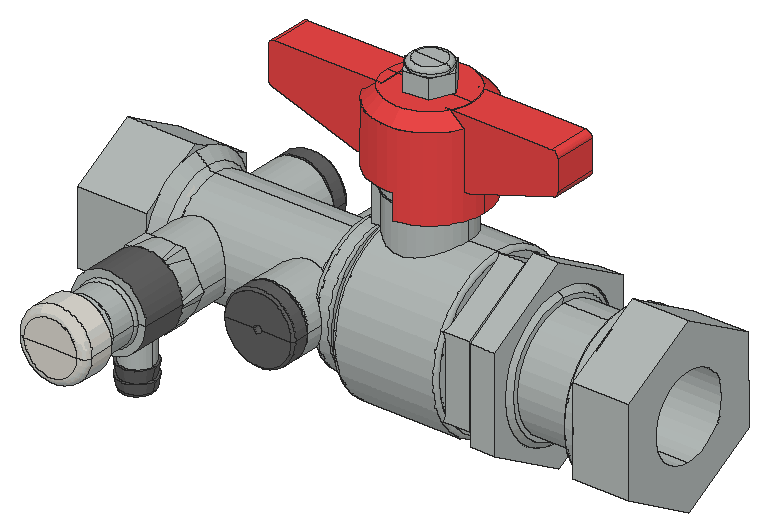
Revit family "QD38120000", category Apparecchi idraulici, Revit 2020
Family settings
  Quota connettore circolare = Usa diametro
  Tipo di parte = Normale
  Numero OmniClass = 23.45.00.00
  Titolo OmniClass = Sanitary, Laundry, and Cleaning Equipment
  Basato su piano di lavoro = No
  Sempre verticale = Sì
  Taglio con vuoti quando caricato = No
  Condiviso = No
  Punto di calcolo locali = No
Parameters
  URL = "https://web.cimberio.it/index.php/figura/213?subcategoria_id=42343"
  Temperatura di esercizio = "-20 ÷ 90°C"
  Prospetto di default = 0 mm
  Produttore = "CIMBERIO SPA"
  Pressione nominale = "PN 16"
  Modello = "Cim 211BR"
  Materiale = "Prodotto in lega di ottone conforme alla norma EN 12165-CW617N-DW"
  Descrizione = "Impiegato nei più svariati settori dell'impiantistica in condutture anti-ritorno per: reti di distribuzione acqua potabile, impianti di riscaldamento, condizionamento, igienico-sanitari e in generale con ogni fluido non corrosivo."
  DN Model [instance] = QD38122151 : QD38122151
  DN [instance] = 20 mm
  Commenti sul tipo = "Realizzato in ottemperanza ai requisiti gestionali della norma EN ISO 9001.\r\nCollaudato al 100% secondo la normativa EN 12266-1"
Reference planes
  plane 1 "Centro (Fronte/Retro)": y = 0
  plane 2: z = 0
  plane 3 "Centro (Sinistra/Destra)": x = 0
Dimensions and locks
  aligned and locked: level to plane 2
Nested families
  nested 1: "QD38122151" at (0, 0, 0), type <- "DN Model", type "QD38122151"
  nested 2: "QD38122151" at (0, 0, 0), type <- "DN Model", type "QD38122151"
  nested 3: "QD38122151" at (0, 0, 0), type <- "DN Model", type "QD38122151"
  nested 4: "QD38122151" at (0, 0, 0), type <- "DN Model", type "QD38122151"
  nested 5: "QD38122151" at (0, 0, 0), type <- "DN Model", type "QD38122151"
Connectors
  piping at (62.4, 0, 0), diameter 20, driven by "DN"
    settings: on nested 1, index 1, connector inside diameter 609.6 mm, connector length 0 mm, flow factor 0, pipe flow 0.0 L/s, pressure drop 0.0 Pa, fitting loss kfactor 0, connector angle 0.00°, fixture units 0, engagement length 0 mm, angle of deflection 0.00°, flow configuration 0, flow direction 0, fitting loss method 0, system type 7, joint type 0, gender type 0, connector reference index -1, connector utility 0, adjustable connector no, is connector primary yes, connector description ""
  piping at (-73, 0, 0), diameter 20, driven by "DN"
    settings: on nested 1, index 2, connector inside diameter 609.6 mm, connector length 0 mm, flow factor 0, pipe flow 0.0 L/s, pressure drop 0.0 Pa, fitting loss kfactor 0, connector angle 0.00°, fixture units 0, engagement length 0 mm, angle of deflection 0.00°, flow configuration 0, flow direction 0, fitting loss method 0, system type 7, joint type 0, gender type 0, connector reference index -1, connector utility 0, adjustable connector no, is connector primary no, connector description ""
Definition of nested family "QD38122151"
  Parameters (values of type "QD38122151")
    Default Elevation = 0 mm
  Reference planes
    plane 1 "Centro (Fronte/Retro)": y = 0
    plane 2: z = 0
    plane 3 "Centro (Sinistra/Destra)": x = 0
  Forms (mm)
    Revolve 1, solid
      sketch origin (0, 0, 0) x (1, 0, 0) y (0, 0, 1)
        loop
          arc (17.056, 18.5) -> (16.763, 19.207) -> (16.056, 19.5) r 1
          line (16.056, 19.5) -> (-7.317, 19.5)
          arc (-7.317, 19.5) -> (-7.7, 19.424) -> (-8.024, 19.207) r 1
          line (-8.024, 19.207) -> (-10.395, 16.836)
          arc (-10.395, 16.836) -> (-11.044, 16.402) -> (-11.81, 16.25) r 2
          line (-11.81, 16.25) -> (-14.543, 16.25)
          arc (-14.543, 16.25) -> (-15.642, 15.773) -> (-16.049, 14.642) r 1.5
          arc (-16.049, 14.642) -> (-16.58, 13.137) -> (-18.044, 12.5) r 2
          line (-18.044, 12.5) -> (-51.896, 12.5)
          arc (-51.896, 12.5) -> (-53.043, 12.728) -> (-54.016, 13.377) r 3
          line (-54.016, 13.377) -> (-56.5, 15.861) -> (-56.5, 10) -> (17.056, 10) -> (17.056, 18.5)
        axis (-56.5, 0) -> (17.056, 0)
      angle from 0 to 360
    Extrusion 2, solid
      sketch origin (0, 0, 0) x (0, 0, -1) y (0, 1, 0)
        loop
          circle (0, 0) r 10
        loop
          line (-17.35, 0) -> (-8.675, -15.026) -> (8.675, -15.026) -> (17.35, 0) -> (8.675, 15.026) -> (-8.675, 15.026) -> (-17.35, 0)
      from -73 to -56.5
    Extrusion 3, solid
      sketch origin (5, 0, 0) x (0, 0, -1) y (0, -1, 0)
        loop
          circle (0, 0) r 10
        loop
          line (-20.75, 0) -> (-10.375, -17.97) -> (10.375, -17.97) -> (20.75, 0) -> (10.375, 17.97) -> (-10.375, 17.97) -> (-20.75, 0)
      from -57.4 to -43.9
    Revolve 4, solid
      sketch origin (0, 0, 4.01) x (1, 0, 0) y (0, 0, 1)
        loop
          line (0, 32.8) -> (-8.3, 32.8) -> (-8.3, 31.3) -> (-10, 31.3) -> (-9.887, 24.5)
          arc (-9.887, 24.5) -> (-9.741, 24.109) -> (-9.381, 23.897) r 0.625
          line (-9.381, 23.897) -> (-9.381, 9.629) -> (0, 9.629) -> (0, 32.8)
        axis (0, 9.629) -> (0, 32.8)
      angle from 0 to 360
    Extrusion 5, solid
      sketch origin (0, 0, 4.01) x (1, 0, 0) y (0, 0, 1)
        loop
          line (-13, 27) -> (-13, 8.625) -> (-8.552, 8.625) -> (-8.552, 27) -> (-13, 27)
      from -1.499 to 1.499
    Revolve 6, solid
      sketch origin (0, 0, 0.01) x (1, 0, 0) y (0, 0, 1)
        loop
          line (0, 49.8) -> (-10.25, 49.8) -> (-13.25, 46.8) -> (-13.25, 26.8) -> (-3.916, 26.8) -> (-3.916, 32.8) -> (0, 32.8) -> (0, 49.8)
        axis (0, 49.8) -> (0, 26.8)
      angle from 0 to 360
    Extrusion 7, void
      sketch origin (0, 0, 0.01) x (1, 0, 0) y (0, 1, 0)
        loop
          line (-8.874, 1.499) -> (-13.92, 1.499)
          arc (-13.92, 1.499) -> (-9.863, -9.935) -> (1.6, -13.908) r 14
          line (1.6, -13.908) -> (1.6, -8.857)
          arc (1.6, -8.857) -> (-6.327, -6.4) -> (-8.874, 1.499) r 9
      from 24.971 to 32.8
    Extrusion 8, solid
      sketch origin (0, 0, 0.01) x (0.583252, -0.812291, 0) y (0.812291, 0.583252, 0)
        loop
          line (-2.887, 5) -> (-5.774, 0) -> (-2.887, -5) -> (2.887, -5) -> (5.774, 0) -> (2.887, 5) -> (-2.887, 5)
      from 49.8 to 54.3
    Revolve 9, solid
      sketch origin (0, 0, 0.01) x (1, 0, 0) y (0, 0, 1)
        loop
          line (0, 55.8) -> (0, 53.806) -> (4.75, 53.806) -> (4.75, 54.796)
          arc (4.75, 54.796) -> (4.457, 55.506) -> (3.748, 55.8) r 1.002
          line (3.748, 55.8) -> (0, 55.8)
        axis (0, 55.8) -> (0, 53.806)
      angle from 0 to 360
    Extrusion 10, solid
      sketch origin (-31, 0.5, 0) x (1, 0, 0) y (0, 0, 1)
        loop
          line (-7.65, 0) -> (-12.325, 8.097) -> (-21.675, 8.097) -> (-26.35, 0) -> (-21.675, -8.097) -> (-12.325, -8.097) -> (-7.65, 0)
      from 20.5 to 26.5
    Revolve 11, solid
      sketch origin (-31, 0.5, 0) x (1, 0, 0) y (0, 1, 0)
        loop
          line (-8.5, -20.5) -> (-8.5, -7.5) -> (-17, -7.5) -> (-17, -47.3) -> (-12.353, -47.3) -> (-12.353, -45) -> (-10.936, -45) -> (-10.2, -44.5) -> (-10.2, -38.7)
          arc (-10.2, -38.7) -> (-9.788, -38.157) -> (-9.967, -37.5) r 0.771
          line (-9.967, -37.5) -> (-8, -37.5) -> (-8, -26.5) -> (-8.5, -20.5)
        axis (-17, -7.5) -> (-17, -47.3)
      angle from 0 to 360
    Revolve 12, solid
      sketch origin (-31, 0.5, 0) x (1, 0, 0) y (0, 1, 0)
        loop
          line (-17, -47.3) -> (-17, -55) -> (-10.6, -55)
          arc (-10.6, -55) -> (-9.186, -54.414) -> (-8.6, -53) r 2
          line (-8.6, -53) -> (-8.6, -47.3) -> (-17, -47.3)
        axis (-17, -47.3) -> (-17, -55)
      angle from 0 to 360
    Revolve 13, solid
      sketch origin (-4.937, -0.5, 0) x (1, 0, 0) y (0, 1, 0)
        loop
          line (-25.5, 20.5) -> (-25.5, 8.572) -> (-17, 8.572) -> (-17, 20.5) -> (-25.5, 20.5)
        axis (-17, 20.5) -> (-17, 8.572)
      angle from 0 to 360
    Revolve 14, solid
      sketch origin (-4.937, -0.5, 0) x (1, 0, 0) y (0, 1, 0)
        loop
          line (-17, 23) -> (-17.857, 23) -> (-17.997, 25) -> (-25, 25) -> (-25.496, 24.388) -> (-25.496, 21) -> (-24.936, 20.44) -> (-17, 20.44) -> (-17, 23)
        axis (-17, 25) -> (-17, 20.44)
      angle from 0 to 360
    Extrusion 15, solid
      sketch origin (0, 0, 0) x (0, 0, -1) y (0, -1, 0)
        loop
          circle (0, 0) r 10
        loop
          line (-19.5, 0) -> (-9.75, -16.887) -> (9.75, -16.887) -> (19.5, 0) -> (9.75, 16.887) -> (-9.75, 16.887) -> (-19.5, 0)
      from -23.1 to -16.1
    Revolve 16, solid
      sketch origin (0, 0, 0) x (1, 0, 0) y (0, 0, 1)
        loop
          line (12.6, 10) -> (14.5, 10) -> (14.5, 14.25)
          arc (14.5, 14.25) -> (14.207, 14.957) -> (13.5, 15.25) r 1
          line (13.5, 15.25) -> (12.6, 15.25) -> (12.6, 10)
        axis (12.6, 0) -> (14.5, 0)
      angle from 0 to 360
    Revolve 17, solid
      sketch origin (4.956, 0, 0) x (1, 0, 0) y (0, 0, 1)
        loop
          line (27.13, 10) -> (41.4, 10) -> (41.4, 14) -> (27.13, 14) -> (27.13, 10)
        axis (27.13, 0) -> (41.4, 0)
      angle from 0 to 360
    Extrusion 18, solid
      sketch origin (0, 0, 4.01) x (1, 0, 0) y (0, 0, 1)
        loop
          arc (-33.5, 45.8) -> (-34.561, 45.361) -> (-35, 44.3) r 1.5
          line (-35, 44.3) -> (-35, 37.227)
          arc (-35, 37.227) -> (-34.714, 36.345) -> (-33.964, 35.8) r 1.5
          line (-33.964, 35.8) -> (-13.534, 29.162) -> (-7.722, 29.162) -> (-7.722, 45.8) -> (-33.5, 45.8)
        loop
          line (33.5, 45.8) -> (7.722, 45.8) -> (7.722, 29.162) -> (13.534, 29.162) -> (33.964, 35.8)
          arc (33.964, 35.8) -> (34.714, 36.345) -> (35, 37.227) r 1.5
          line (35, 37.227) -> (35, 44.3)
          arc (35, 44.3) -> (34.561, 45.361) -> (33.5, 45.8) r 1.5
      from -5.051 to 5.104
    Revolve 19, solid
      sketch origin (-31.044, -28.374, 0) x (1, 0, 0) y (0, 0, 1)
        loop
          line (-17, -20) -> (-17, -17) -> (-21.501, -17) -> (-20.978, -19.41)
          arc (-20.978, -19.41) -> (-20.791, -19.776) -> (-20.447, -20) r 0.8
          line (-20.447, -20) -> (-17, -20)
        axis (-17, -20) -> (-17, -17)
      angle from 0 to 360
    Revolve 20, solid
      sketch origin (-31.044, -28.374, 0) x (1, 0, 0) y (0, 0, 1)
        loop
          line (-17, -14) -> (-21.5, -14) -> (-20.85, -17) -> (-17, -17) -> (-17, -14)
        axis (-17, -14) -> (-17, -17)
      angle from 0 to 360
    Revolve 21, solid
      sketch origin (-31.044, -28.374, 0) x (1, 0, 0) y (0, 0, 1)
        loop
          line (-13.15, -14) -> (-13.15, -5.112) -> (-15.944, -5.112) -> (-15.944, -14) -> (-13.15, -14)
        axis (-17, -14) -> (-17, -5.112)
      angle from 0 to 360
    Revolve 22, solid
      sketch origin (-30.932, -0.5, 0) x (1, 0, 0) y (0, 1, 0)
        loop
          line (-25.5, 20.5) -> (-25.5, 8.572) -> (-17, 8.572) -> (-17, 20.5) -> (-25.5, 20.5)
        axis (-17, 20.5) -> (-17, 8.572)
      angle from 0 to 360
    Revolve 23, solid
      sketch origin (-30.932, -0.5, 0) x (1, 0, 0) y (0, 1, 0)
        loop
          line (-17, 23) -> (-17.857, 23) -> (-17.997, 25) -> (-25, 25) -> (-25.496, 24.388) -> (-25.496, 21) -> (-24.936, 20.44) -> (-17, 20.44) -> (-17, 23)
        axis (-17, 25) -> (-17, 20.44)
      angle from 0 to 360
    Revolve 24, solid
      sketch origin (-4.937, 0.5, 0) x (1, 0, 0) y (0, 1, 0)
        loop
          line (-25.5, -20.5) -> (-17, -20.5) -> (-17, -8.572) -> (-25.5, -8.572) -> (-25.5, -20.5)
        axis (-17, -20.5) -> (-17, -8.572)
      angle from 0 to 360
    Revolve 25, solid
      sketch origin (-4.937, 0.5, 0) x (1, 0, 0) y (0, 1, 0)
        loop
          line (-17, -23) -> (-17, -20.44) -> (-24.936, -20.44) -> (-25.496, -21) -> (-25.496, -24.388) -> (-25, -25) -> (-17.997, -25) -> (-17.857, -23) -> (-17, -23)
        axis (-17, -25) -> (-17, -20.44)
      angle from 0 to 360
    Revolve 26, solid
      sketch origin (5, 0, 0) x (1, 0, 0) y (0, 0, 1)
        loop
          line (43.9, 18) -> (41.856, 18)
          arc (41.856, 18) -> (41.502, 17.761) -> (41.356, 17.36) r 0.691
          line (41.356, 17.36) -> (41.356, 10) -> (43.9, 10) -> (43.9, 18)
        axis (41.356, 0) -> (43.9, 0)
      angle from 0 to 360
    Revolve 27, solid
      sketch origin (0, 0, 0) x (1, 0, 0) y (0, 0, 1)
        loop
          line (23.1, 16.475) -> (23.1, 10) -> (32.086, 10) -> (32.086, 14.989) -> (30.6, 16.475) -> (23.1, 16.475)
        axis (23.1, 0) -> (32.086, 0)
      angle from 0 to 360
    Extrusion 28, solid
      sketch origin (0, 0, 0) x (0, 1, 0) y (0, 0, 1)
        loop
          circle (0, 0) r 16.5
        loop
          line (0, 22.25) -> (-19.269, 11.125) -> (-19.269, -11.125) -> (0, -22.25) -> (19.269, -11.125) -> (19.269, 11.125) -> (0, 22.25)
      from 25.093 to 31.1
  Cuts and joins
    Extrusion 7 cuts Revolve 6
    Extrusion 7 cuts Revolve 1
    joined: Revolve 1, Revolve 4, Extrusion 5
  Dimensions and locks
    aligned and locked: level to plane 2
